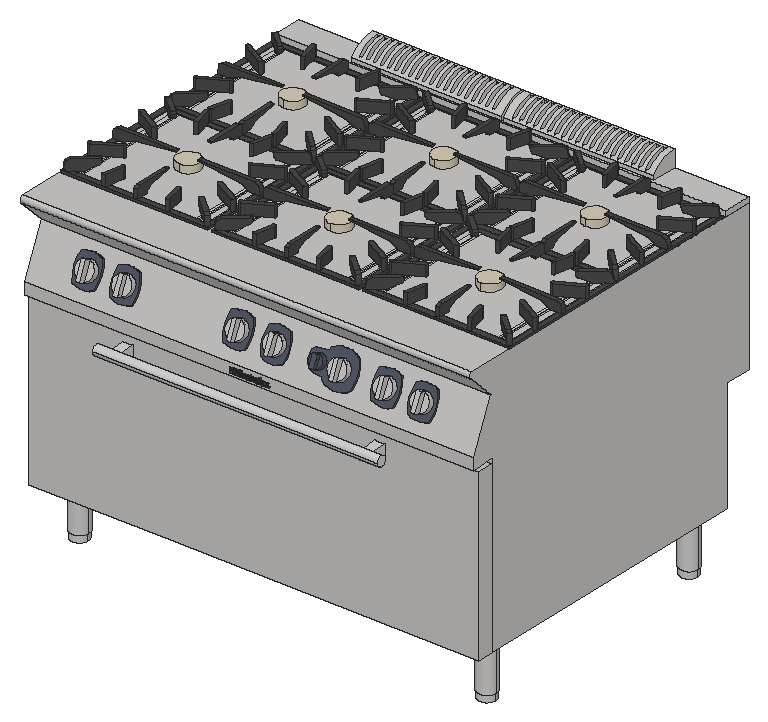
Revit family "QF_ELECTROLUXPROFESSIONAL_391016_E9GCGL6CLM", category Specialty Equipment, Revit 2018 (continued)
Definition of nested family "371009_BURNER"
  Automatic sketch dimensions
    Extrusion 6 sketch curve to Extrusion 6 sketch curve = 4.763 mm  (x2)
    Extrusion 6 sketch curve to Extrusion 6 sketch curve = 3.716 mm
    plane 10 to Extrusion 7 sketch curve = 5 mm  (x2)
    Extrusion 7 sketch curve to Extrusion 7 sketch curve = 2.692 mm  (x2)
    Extrusion 7 sketch curve to Extrusion 7 sketch curve = 10.213 mm  (x2)
    plane 10 to Extrusion 7 sketch curve = 12.281 mm
    Extrusion 7 sketch curve to Extrusion 7 sketch curve = 29.348 mm  (x2)
    Extrusion 7 sketch curve to Extrusion 7 sketch curve = 3.155 mm  (x2)
    Extrusion 7 sketch curve to Extrusion 7 sketch curve = 22.572 mm
    Extrusion 7 sketch curve to Extrusion 7 sketch curve = 8.81 mm
    Extrusion 7 sketch curve to Extrusion 7 sketch curve = 9.845 mm  (x2)
    Extrusion 7 sketch curve to Extrusion 7 sketch curve = 3.99 mm  (x2)
    Extrusion 7 sketch curve to Extrusion 7 sketch curve = 0 mm  (x2)
    Extrusion 7 sketch curve to Extrusion 7 sketch curve = 21.306 mm
    Extrusion 7 sketch curve to plane 10 = 64.377 mm  (x2)
    Extrusion 7 sketch curve to Extrusion 7 sketch curve = 326.397 mm
    Extrusion 7 sketch curve to plane 6 "TOP" = 28.141 mm
    Extrusion 7 sketch curve to Extrusion 7 sketch curve = 16.281 mm
    Extrusion 7 sketch curve to Extrusion 7 sketch curve = 1.035 mm
    Extrusion 7 sketch curve to Extrusion 7 sketch curve = 19.417 mm
    Extrusion 7 sketch curve to Extrusion 7 sketch curve = 7.281 mm
    Extrusion 7 sketch curve to Extrusion 7 sketch curve = 10.713 mm
    curve 58 to curve 12 = 72.824 mm
    curve 30 to curve 30 = 73.227 mm
    curve 58 to curve 5 = 10.263 mm
    curve 5 to curve 58 = 0 mm
    curve 59 to curve 30 = 10.263 mm
    curve 30 to curve 8 = 9.4 mm
    curve 31 to curve 32 = 0 mm
    curve 33 to curve 38 = 0 mm  (x2)
    curve 33 to curve 39 = 0 mm  (x2)
    curve 33 to curve 40 = 0 mm  (x2)
    plane 1 "BACK" to curve 41 = 0 mm
    curve 41 to plane 3 "LEFT" = 0 mm
    curve 31 to plane 7 "Center Y" = 0 mm
    curve 33 to plane 7 "Center Y" = 0 mm
    curve 41 to plane 4 "RIGHT" = 0 mm
    plane 3 "LEFT" to curve 76 = 1.326 mm
    plane 3 "LEFT" to curve 64 = 1.326 mm
    plane 3 "LEFT" to curve 44 = 2.995 mm
    plane 3 "LEFT" to curve 46 = 2.995 mm
    curve 43 to curve 43 = 2.408 mm
    curve 46 to curve 47 = 2.408 mm
    curve 47 to curve 47 = 2.408 mm
    curve 43 to curve 42 = 2.408 mm
    curve 76 to plane 5 "FRONT" = 0.514 mm
    plane 3 "LEFT" to curve 76 = 8.029 mm
    plane 1 "BACK" to curve 62 = 0.514 mm
    plane 3 "LEFT" to curve 62 = 8.029 mm
    curve 48 to curve 75 = 50.941 mm
    curve 43 to curve 63 = 50.941 mm
    curve 75 to curve 75 = 3.351 mm
    curve 63 to curve 63 = 3.351 mm
    plane 1 "BACK" to curve 62 = 52.383 mm
    curve 63 to curve 62 = 3.351 mm
    curve 74 to plane 5 "FRONT" = 52.383 mm
    curve 75 to curve 74 = 3.351 mm
    plane 3 "LEFT" to curve 46 = 65.629 mm
    plane 3 "LEFT" to curve 44 = 65.629 mm
    curve 45 to curve 45 = 2.408 mm
    curve 46 to curve 49 = 2.408 mm
    curve 49 to curve 48 = 2.408 mm
    curve 45 to curve 42 = 2.408 mm
    curve 38 to plane 8 "Center X" = 2.597 mm
    curve 38 to plane 7 "Center Y" = 51.172 mm
    curve 33 to plane 8 "Center X" = 2.597 mm
    curve 38 to curve 33 = 12.999 mm
    curve 33 to plane 7 "Center Y" = 5 mm
    curve 38 to plane 7 "Center Y" = 5 mm
    curve 31 to curve 33 = 0 mm
    plane 7 "Center Y" to curve 32 = 5 mm
    plane 7 "Center Y" to curve 40 = 5 mm
    curve 39 to curve 32 = 0 mm
    curve 39 to plane 8 "Center X" = 2.597 mm
    plane 7 "Center Y" to curve 39 = 38.172 mm
    curve 40 to plane 8 "Center X" = 2.704 mm
    curve 39 to curve 40 = 12.979 mm
    curve 50 to plane 4 "RIGHT" = 70.445 mm
    curve 57 to plane 4 "RIGHT" = 70.445 mm
    curve 50 to curve 53 = 2.408 mm
    curve 57 to curve 57 = 2.408 mm  (x2)
    curve 53 to curve 53 = 2.408 mm
    curve 71 to curve 71 = 3.351 mm
    curve 67 to curve 67 = 3.351 mm
    curve 71 to curve 69 = 3.351 mm
    curve 67 to curve 65 = 3.351 mm
    curve 60 to plane 4 "RIGHT" = 15 mm
    curve 72 to plane 5 "FRONT" = 0.514 mm
    curve 72 to plane 4 "RIGHT" = 8.029 mm
    plane 1 "BACK" to curve 68 = 0.514 mm
    curve 68 to plane 4 "RIGHT" = 8.029 mm
    curve 50 to plane 4 "RIGHT" = 7.81 mm
    curve 55 to plane 4 "RIGHT" = 7.81 mm
    curve 55 to curve 55 = 2.408 mm
    curve 50 to curve 51 = 2.408 mm
    curve 55 to plane 4 "RIGHT" = 2.995 mm
    curve 51 to plane 4 "RIGHT" = 2.995 mm
    curve 69 to plane 4 "RIGHT" = 1.326 mm
    curve 65 to plane 4 "RIGHT" = 1.326 mm
    curve 72 to plane 5 "FRONT" = 7.935 mm
    curve 60 to plane 5 "FRONT" = 20.286 mm
    curve 71 to curve 56 = 27.93 mm
    curve 73 to curve 48 = 27.93 mm
    curve 47 to curve 47 = 4.382 mm
    curve 55 to curve 55 = 4.382 mm
    curve 56 to plane 8 "Center X" = 55.651 mm
    curve 48 to plane 8 "Center X" = 55.651 mm
    curve 57 to curve 57 = 4.382 mm
    curve 49 to curve 49 = 4.382 mm
    curve 40 to plane 8 "Center X" = 44.773 mm
    curve 39 to curve 32 = 4.818 mm
    plane 8 "Center X" to curve 31 = 2.403 mm
    plane 8 "Center X" to curve 45 = 46.886 mm
    plane 8 "Center X" to curve 52 = 46.886 mm
    curve 53 to curve 53 = 4.382 mm
    curve 45 to curve 45 = 4.382 mm
    curve 53 to curve 52 = 34.416 mm
    curve 44 to curve 61 = 36.694 mm
    curve 43 to curve 43 = 4.382 mm
    curve 51 to curve 51 = 4.382 mm
    curve 51 to curve 65 = 27.93 mm
    plane 1 "BACK" to curve 83 = 20.286 mm
    plane 1 "BACK" to curve 88 = 15 mm
    plane 1 "BACK" to curve 77 = 15 mm
    curve 77 to curve 83 = 30.799 mm
    curve 78 to plane 5 "FRONT" = 15 mm
    curve 80 to curve 71 = 7.989 mm
    curve 78 to curve 60 = 30.799 mm
    curve 78 to curve 80 = 13.475 mm
    curve 55 to curve 79 = 10.979 mm
    curve 82 to curve 57 = 6.514 mm
    curve 80 to curve 78 = 0 mm
    curve 80 to curve 82 = 11.41 mm
    curve 77 to curve 66 = 37.77 mm
    curve 60 to curve 79 = 11.41 mm
    plane 8 "Center X" to curve 81 = 7.403 mm
    plane 8 "Center X" to curve 84 = 7.403 mm
    curve 82 to plane 8 "Center X" = 2.597 mm
    curve 82 to curve 84 = 0 mm
    curve 79 to plane 8 "Center X" = 2.597 mm
    curve 79 to curve 81 = 0 mm
    curve 81 to curve 51 = 10.979 mm
    curve 53 to curve 85 = 17.924 mm
    curve 84 to curve 81 = 30.799 mm
    curve 84 to curve 85 = 11.41 mm
    curve 52 to curve 84 = 19.83 mm
    curve 81 to curve 83 = 11.41 mm
    curve 67 to curve 85 = 7.989 mm
    curve 85 to curve 77 = 0 mm
    curve 85 to curve 77 = 13.475 mm
    curve 86 to curve 37 = 26.152 mm
    curve 4 to curve 86 = 10.263 mm
    curve 86 to curve 4 = 0 mm
    curve 36 to curve 21 = 26.152 mm
    curve 88 to curve 88 = 25 mm
    plane 8 "Center X" to curve 89 = 69.193 mm
    curve 43 to curve 90 = 9.597 mm
    curve 43 to curve 90 = 0.432 mm
    plane 1 "BACK" to curve 90 = 20.286 mm
    curve 93 to plane 8 "Center X" = 2.597 mm
    plane 8 "Center X" to curve 91 = 7.403 mm
    curve 95 to plane 8 "Center X" = 69.193 mm
    curve 93 to curve 94 = 28.333 mm
    curve 95 to curve 12 = 33.104 mm
    curve 21 to curve 87 = 10.263 mm
    curve 87 to curve 21 = 0 mm
    curve 91 to curve 90 = 11.41 mm
    curve 89 to curve 87 = 21.732 mm
    curve 89 to curve 92 = 11.41 mm
    curve 92 to curve 89 = 0 mm
    plane 8 "Center X" to curve 92 = 7.403 mm
    curve 91 to curve 90 = 0 mm
    curve 93 to curve 95 = 0 mm
    curve 93 to curve 95 = 11.41 mm
    curve 11 to curve 94 = 0 mm
    curve 11 to curve 94 = 11.41 mm
    curve 95 to curve 11 = 30.799 mm
    curve 95 to curve 12 = 13.475 mm
    plane 3 "LEFT" to curve 95 = 45.799 mm
    curve 95 to curve 5 = 33.104 mm
    Extrusion 8 sketch curve to Extrusion 3 = 5.275 mm  (x2)
    Extrusion 8 sketch curve to Extrusion 8 sketch curve = 1.125 mm  (x16)
    Extrusion 3 to Extrusion 8 sketch curve = 38.711 mm  (x2)
    Extrusion 8 sketch curve to Extrusion 3 = 7.19 mm  (x3)
    Extrusion 3 to Extrusion 8 sketch curve = 72.734 mm  (x2)
    Extrusion 8 sketch curve to Extrusion 8 sketch curve = 4.382 mm  (x16)
    Extrusion 8 sketch curve to Extrusion 3 = 2.995 mm  (x4)
    Extrusion 8 sketch curve to Extrusion 8 sketch curve = 34.416 mm  (x4)
    Extrusion 3 to Extrusion 8 sketch curve = 50.629 mm  (x3)
    Extrusion 8 sketch curve to Extrusion 8 sketch curve = 93.773 mm  (x2)
    Extrusion 3 to Extrusion 8 sketch curve = 40.96 mm  (x2)
    Extrusion 8 sketch curve to Extrusion 3 = 7.476 mm  (x2)
    Extrusion 8 sketch curve to Extrusion 8 sketch curve = 2.408 mm  (x4)
    Extrusion 3 to Extrusion 8 sketch curve = 91.634 mm  (x2)
    Extrusion 8 sketch curve to Extrusion 8 sketch curve = 4.872 mm  (x8)
    Extrusion 8 sketch curve to Extrusion 8 sketch curve = 11.182 mm  (x4)
    Extrusion 3 to Extrusion 8 sketch curve = 112.56 mm
    Extrusion 8 sketch curve to Extrusion 8 sketch curve = 61.931 mm
    Extrusion 3 to Extrusion 8 sketch curve = 55.445 mm
    Extrusion 8 sketch curve to Extrusion 8 sketch curve = 4.816 mm
    curve 67 to curve 85 = 19.656 mm
    curve 71 to curve 80 = 19.656 mm
    curve 99 to plane 5 "FRONT" = 7.524 mm
    curve 74 to curve 99 = 41.179 mm
    curve 98 to curve 99 = 4.872 mm
    curve 96 to plane 5 "FRONT" = 5.275 mm
    curve 99 to curve 96 = 4.872 mm
    curve 99 to curve 98 = 11.182 mm
    curve 98 to curve 97 = 4.872 mm
    curve 96 to plane 5 "FRONT" = 53.711 mm
    curve 97 to curve 96 = 4.872 mm
    curve 97 to curve 97 = 1.125 mm
    curve 103 to curve 70 = 62.105 mm
    curve 103 to curve 103 = 4.872 mm  (x2)
    curve 100 to plane 5 "FRONT" = 5.275 mm
    curve 100 to curve 100 = 11.182 mm
    curve 101 to curve 101 = 4.872 mm
    curve 102 to plane 5 "FRONT" = 7.524 mm
    curve 101 to curve 102 = 4.872 mm
    curve 100 to curve 100 = 48.436 mm
    curve 103 to curve 103 = 1.125 mm
    curve 106 to curve 67 = 62.105 mm
    curve 107 to curve 107 = 4.872 mm
    plane 1 "BACK" to curve 104 = 55.96 mm
    curve 107 to curve 104 = 4.872 mm
    plane 1 "BACK" to curve 105 = 5.275 mm
    curve 107 to curve 105 = 11.182 mm
    curve 105 to curve 105 = 4.872 mm  (x2)
    curve 107 to curve 107 = 1.125 mm
    plane 1 "BACK" to curve 104 = 7.524 mm
    plane 1 "BACK" to curve 109 = 7.524 mm
    curve 62 to curve 109 = 41.179 mm
    curve 109 to curve 109 = 4.872 mm
    plane 1 "BACK" to curve 108 = 5.275 mm
    curve 109 to curve 108 = 4.872 mm
    curve 110 to curve 111 = 11.182 mm
    curve 110 to curve 111 = 4.872 mm
    plane 1 "BACK" to curve 108 = 53.711 mm
    curve 111 to curve 108 = 4.872 mm
    curve 111 to curve 108 = 2.25 mm
    radius of Extrusion 4 sketch curve = 30 mm
